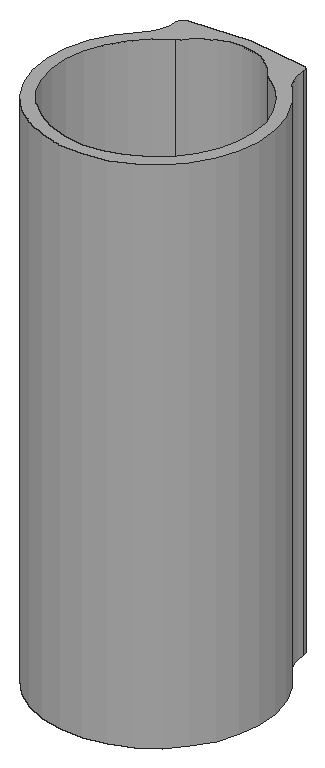
Revit family "PRD_AR_PllrTps_Socket_ACEX1001", category Specialty Equipment, Revit 2018
Family settings
  Round Connector Dimension = Use Diameter
  Part Type = Normal
  OmniClass Number = 23.45.05.14.99
  OmniClass Title = Other Sanitary Washing Plumbing Fixtures
  Work Plane-Based = Yes
  Always vertical = Yes
  Cut with Voids When Loaded = No
  Shared = No
  Room Calculation Point = No
Parameters (values of type "ACEX1001")
  WarrantyStartDate [instance] = "1900-12-31T23:59:59"
  WarrantyGuarantorParts = "n/a"
  WarrantyGuarantorLabor = "n/a"
  WarrantyDurationUnit = "year"
  WarrantyDurationParts = "n/a"
  WarrantyDurationLabor = "n/a"
  WarrantyDescription = "n/a"
  Version = "1"
  Uniclass2015Version = "Products v1.17"
  Uniclass2015Title = "Pillar taps"
  Uniclass2015Code = "Pr_40_20_87_60"
  URL = "www.kwc.com"
  TagNumber [instance] = "n/a"
  SustainabilityPerformance = "n/a"
  Status = "New"
  Size = "n/a"
  Shape = "cylinder"
  SerialNumber [instance] = "n/a"
  Revision = "n/a"
  ReplacementCost = "n/a"
  Reference = "n/a"
  QuantityUom = "Piece"
  Quantity = "1"
  ProductInformation = "https://pim.kwc.com/product/2030040334/attachment/datasheet?locale=en"
  ProductCode = "208.0599.908"
  NominalWidth = 57 mm
  NominalLength = 0 mm
  NominalHeight = 140 mm
  NominalDepth = 60 mm
  NetWeight = 1.19 kg
  Name = "Socket ACEX1001"
  NBSTypeID = "n/a"
  NBSReference = "n/a"
  NBSOfficeMasterTag = "n/a"
  NBSNote = "n/a"
  NBSDescription = "n/a"
  NBSCertification = "n/a"
  ModelReference = "ACEX1001"
  ModelNumber = "2030040334"
  Model = ModelReference  # "ACEX1001"
  Material = "brass"
  ManufacturerURL = "www.kwc.com"
  ManufacturerName = "KWC Group AG"  # constant formula
  Manufacturer = ManufacturerName  # "KWC Group AG"
  IntegralAccessories = "n/a"
  InstallationDate [instance] = "1900-12-31T23:59:59"
  IfcExportType = "USERDEFINED"
  IfcExportAs = "IfcSanitaryTerminalType"
  GrossWeight = 1.20 kg
  Grade = "n/a"
  Finish = "polished chrome"
  Features = "140 mm, polished chromium-plated brass"
  ExpectedLife = "n/a"
  DurationUnit = "year"
  Description = "Socket for heightening of fitting housing at 140 mm, for F5E electronic pillar taps and pillar mixer. Polished chromium-plated brass."
  Default Elevation = 1219.2 mm
  CreatedOn = "08/2021"  # constant formula
  Constituents = "n/a"
  Color = "n/a"
  CodePerformance = "n/a"
  Category = "Pr_40_20_87_60, Pillar taps"
  BodyMaterial = PRD_AR_ChromatedBrass_HighPolished
  BarCode [instance] = "n/a"
  BIMObjectName = "PRD_AR_PillarTaps_Socket_ACEX1001"
  Author = "Archispace"  # constant formula
  AssetType = "Fixed"
  AssetIdentifier [instance] = "n/a"
  AccessibilityPerformance = "n/a"
Reference planes
  plane 1 "Center (Front/Back)": y = 0
  plane 2: z = 0
  plane 3 "Center (Left/Right)": x = 0
Forms (mm)
  Extrusion 1, solid, material "PRD_AR_ChromatedBrass_HighPolished" <- "BodyMaterial", detail levels fine
    sketch origin (0, 0, 0) x (1, 0, 0) y (0, 1, 0)
      loop
        arc (-15.421, 29.897) -> (-16.588, 29.169) -> (-17.008, 27.86) r 2
        arc (-17.008, 27.86) -> (-17.703, 23.765) -> (-19.995, 20.302) r 10.038
        arc (-19.995, 20.302) -> (0, -28.506) -> (19.995, 20.302) r 28.5
        arc (19.995, 20.302) -> (17.703, 23.765) -> (17.008, 27.86) r 10.038
        arc (17.008, 27.86) -> (16.588, 29.169) -> (15.421, 29.897) r 2
        arc (15.421, 29.897) -> (0, 31.5) -> (-15.421, 29.897) r 75
      loop
        arc (-12.339, 22.03) -> (0, -25.3) -> (12.339, 22.03) r 25.273
        arc (12.339, 22.03) -> (0, 28.494) -> (-12.339, 22.03) r 15.01
    from 0 to 140
  Extrusion 2, solid, material "PRD_AR_ChromatedBrass_HighPolished" <- "BodyMaterial", detail levels fine
    sketch origin (0, 0, 0) x (1, 0, 0) y (0, 1, 0)
      loop
        arc (-12.339, 22.03) -> (0, -25.3) -> (12.339, 22.03) r 25.273
        arc (12.339, 22.03) -> (0, 28.494) -> (-12.339, 22.03) r 15.01
      loop
        arc (-10.268, -10.934) -> (-8.364, -11.407) -> (-6.975, -10.022) r 1.997
        arc (-6.975, -10.022) -> (0, -4.735) -> (6.975, -10.022) r 7.244
        arc (6.975, -10.022) -> (8.364, -11.407) -> (10.268, -10.934) r 1.997
        arc (10.268, -10.934) -> (0, 15) -> (-10.268, -10.934) r 15
      loop
        circle (0, -20.5) r 2.25
      loop
        circle (0, 20.5) r 2.25
      loop
        circle (0, -11.034) r 3.312
    from 2 to 4
  Extrusion 3, solid, material "PRD_AR_ChromatedBrass_HighPolished" <- "BodyMaterial", detail levels coarse+medium
    sketch origin (0, 0, 0) x (1, 0, 0) y (0, 1, 0)
      loop
        circle (0, -0.006) r 28.5
    from 0 to 140
Dimensions and locks
  aligned and locked: level to plane 2
